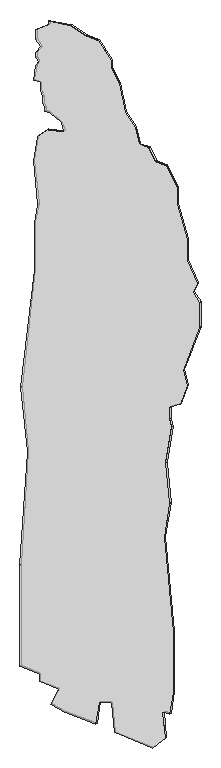
Revit family "Flat Arab 03", category Entourage, Revit 2015
Parameters
  Flat Material [instance] = none
  Height = 0 mm
Reference planes
  plane 1 "Center (Front/Back)": y = 0
  plane 2: z = 0
  plane 3 "Center (Left/Right)": x = 0
  plane 4: z = 1800
Forms (mm)
  Extrusion 1, solid, material <- "Flat Material"
    sketch origin (0, 0, 0) x (1, 0, 0) y (0, 0, 1)
      loop
        line (-201.992, 1688.221) -> (-216.135, 1668.83) -> (-216.135, 1655.885) -> (-208.635, 1648.385) -> (-216.135, 1635.395) -> (-223.963, 1595.123) -> (-203.963, 1595.123) -> (-203.963, 1575.123) -> (-199.236, 1570.397) -> (-200.947, 1565.699) -> (-196.248, 1563.989) -> (-196.248, 1543.989) -> (-190.276, 1538.016) -> (-190.276, 1525.928) -> (-175.276, 1525.928) -> (-142.386, 1513.957) -> (-135.546, 1495.163) -> (-183.842, 1482.222) -> (-212.127, 1453.938) -> (-223.414, 1389.925) -> (-211.101, 1280.617) -> (-219.783, 1231.376) -> (-219.783, 1111.376) -> (-258.781, 793.761) -> (-240.871, 634.767) -> (-261.798, 335.498) -> (-261.798, 75.498) -> (-206.798, 75.498) -> (-206.798, 55.498) -> (-151.798, 55.498) -> (-173.976, 9.776) -> (-134.584, 2.83) -> (-44.584, 2.83) -> (-33.807, 63.946) -> (0, 73.005) -> (8.224, 0) -> (118.224, 0) -> (155.524, 37.3) -> (148.202, 102.299) -> (167.366, 104.458) -> (177.784, 163.547) -> (177.784, 318.547) -> (151.479, 552.07) -> (167.976, 645.626) -> (156.711, 745.632) -> (174.075, 844.112) -> (167.976, 862.845) -> (167.976, 892.845) -> (198.154, 910.268) -> (218.675, 966.65) -> (207.42, 1001.216) -> (253.592, 1128.074) -> (253.592, 1193.074) -> (235.915, 1210.752) -> (246.175, 1238.943) -> (218.675, 1286.574) -> (218.675, 1341.574) -> (189.604, 1421.448) -> (189.604, 1464.293) -> (158.057, 1509.346) -> (128.057, 1509.346) -> (107.982, 1538.016) -> (79.697, 1538.016) -> (69.345, 1576.653) -> (41.06, 1604.937) -> (22.943, 1672.552) -> (0, 1705.318) -> (0, 1725.318) -> (-37.391, 1762.709) -> (-72.391, 1762.709) -> (-115.858, 1774.356) -> (-179.273, 1763.174) -> (-179.273, 1753.174) -> (-216.135, 1727.363) -> (-216.135, 1702.363) -> (-201.992, 1688.221)
    from -2.5 to 2.5
Lines and regions (mm)
  model lines
    curve 1: line (0, 148, 0) -> (0, -152, 0)
    curve 2: line (148.202, -0.202, 0) -> (-151.798, -0.202, 0)
Dimensions and locks
  aligned and locked: level to plane 2
